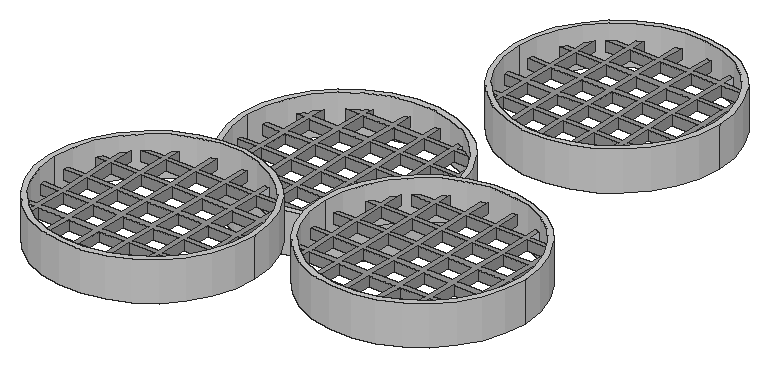
Revit family "CLD-FMD-002_BASKET_RFA", category Modelos genéricos, Revit 2022
Family settings
  Puede alojar armadura = No
  Cota de conector redondo = Diámetro de uso
  Tipo de pieza = Normal
  Se basa en plano de trabajo = No
  Siempre vertical = Sí
  Corte con vacíos al cargar = No
  Mantener orientación de anotación = No
  Compartido = No
  Punto de cálculo de habitación = No
Parameters
  Elevación por defecto = 0.00"
Reference planes (in)
  plane 1 "Centro (Frontal/Posterior)": y = 0
  plane 2: z = 0
  plane 3 "Centro (Izquierda/Derecha)": x = 0
Forms (in)
  Extrusion 1, solid, not visible
    sketch origin (0, 0, 0) x (1, 0, 0) y (0, 1, 0)
      loop
        line (0, 2.25) -> (0, 0) -> (108, 0) -> (108, 2.25) -> (0, 2.25)
    from 0 to 8
  Extrusion 2, solid, not visible
    sketch origin (0, 0, 0) x (1, 0, 0) y (0, 1, 0)
      loop
        line (0, 2.25) -> (0, 0) -> (108, 0) -> (108, 2.25) -> (0, 2.25)
    from 0 to 8
  Extrusion 3, solid, not visible
    sketch origin (0, 8, 0) x (1, 0, 0) y (0, 1, 0)
      loop
        line (0, 2.25) -> (0, 0) -> (108, 0) -> (108, 2.25) -> (0, 2.25)
    from 0 to 8
  Extrusion 4, solid, not visible
    sketch origin (0, 16, 0) x (1, 0, 0) y (0, 1, 0)
      loop
        line (0, 2.25) -> (0, 0) -> (108, 0) -> (108, 2.25) -> (0, 2.25)
    from 0 to 8
  Extrusion 5, solid, not visible
    sketch origin (0, 24, 0) x (1, 0, 0) y (0, 1, 0)
      loop
        line (0, 2.25) -> (0, 0) -> (108, 0) -> (108, 2.25) -> (0, 2.25)
    from 0 to 8
  Extrusion 6, solid, not visible
    sketch origin (0, 32, 0) x (1, 0, 0) y (0, 1, 0)
      loop
        line (0, 2.25) -> (0, 0) -> (108, 0) -> (108, 2.25) -> (0, 2.25)
    from 0 to 8
  Extrusion 7, solid, not visible
    sketch origin (0, 40, 0) x (1, 0, 0) y (0, 1, 0)
      loop
        line (0, 2.25) -> (0, 0) -> (108, 0) -> (108, 2.25) -> (0, 2.25)
    from 0 to 8
  Extrusion 8, solid, not visible
    sketch origin (0, 48, 0) x (1, 0, 0) y (0, 1, 0)
      loop
        line (0, 2.25) -> (0, 0) -> (108, 0) -> (108, 2.25) -> (0, 2.25)
    from 0 to 8
  Extrusion 9, solid, not visible
    sketch origin (0, 56, 0) x (1, 0, 0) y (0, 1, 0)
      loop
        line (0, 2.25) -> (0, 0) -> (108, 0) -> (108, 2.25) -> (0, 2.25)
    from 0 to 8
  Extrusion 10, solid, not visible
    sketch origin (0, 64, 0) x (1, 0, 0) y (0, 1, 0)
      loop
        line (0, 2.25) -> (0, 0) -> (108, 0) -> (108, 2.25) -> (0, 2.25)
    from 0 to 8
  Extrusion 11, solid, not visible
    sketch origin (0, 72, 0) x (1, 0, 0) y (0, 1, 0)
      loop
        line (0, 2.25) -> (0, 0) -> (108, 0) -> (108, 2.25) -> (0, 2.25)
    from 0 to 8
  Extrusion 12, solid, not visible
    sketch origin (0, 80, 0) x (1, 0, 0) y (0, 1, 0)
      loop
        line (0, 2.25) -> (0, 0) -> (108, 0) -> (108, 2.25) -> (0, 2.25)
    from 0 to 8
  Extrusion 13, solid, not visible
    sketch origin (0, 88, 0) x (1, 0, 0) y (0, 1, 0)
      loop
        line (0, 2.25) -> (0, 0) -> (108, 0) -> (108, 2.25) -> (0, 2.25)
    from 0 to 8
  Extrusion 14, solid, not visible
    sketch origin (0, 96, 0) x (1, 0, 0) y (0, 1, 0)
      loop
        line (0, 2.25) -> (0, 0) -> (108, 0) -> (108, 2.25) -> (0, 2.25)
    from 0 to 8
  Extrusion 15, solid, not visible
    sketch origin (0, 104, 0) x (1, 0, 0) y (0, 1, 0)
      loop
        line (0, 2.25) -> (0, 0) -> (108, 0) -> (108, 2.25) -> (0, 2.25)
    from 0 to 8
  Extrusion 16, solid, not visible
    sketch origin (0, 112, 0) x (1, 0, 0) y (0, 1, 0)
      loop
        line (0, 2.25) -> (0, 0) -> (108, 0) -> (108, 2.25) -> (0, 2.25)
    from 0 to 8
  Extrusion 17, solid, not visible
    sketch origin (0, 120, 0) x (1, 0, 0) y (0, 1, 0)
      loop
        line (0, 2.25) -> (0, 0) -> (108, 0) -> (108, 2.25) -> (0, 2.25)
    from 0 to 8
  Extrusion 18, solid, not visible
    sketch origin (0, 128, 0) x (1, 0, 0) y (0, 1, 0)
      loop
        line (0, 2.25) -> (0, 0) -> (108, 0) -> (108, 2.25) -> (0, 2.25)
    from 0 to 8
  Extrusion 19, solid, not visible
    sketch origin (0, 136, 0) x (1, 0, 0) y (0, 1, 0)
      loop
        line (0, 2.25) -> (0, 0) -> (108, 0) -> (108, 2.25) -> (0, 2.25)
    from 0 to 8
  Extrusion 20, solid, not visible
    sketch origin (0, 144, 0) x (1, 0, 0) y (0, 1, 0)
      loop
        line (0, 2.25) -> (0, 0) -> (108, 0) -> (108, 2.25) -> (0, 2.25)
    from 0 to 8
  Extrusion 21, solid, not visible
    sketch origin (0, 152, 0) x (1, 0, 0) y (0, 1, 0)
      loop
        line (0, 2.25) -> (0, 0) -> (108, 0) -> (108, 2.25) -> (0, 2.25)
    from 0 to 8
  Extrusion 22, solid, not visible
    sketch origin (109, 0, 0) x (1, 0, 0) y (0, 1, 0)
      loop
        line (0, 2.25) -> (0, 0) -> (108, 0) -> (108, 2.25) -> (0, 2.25)
    from 0 to 8
  Extrusion 23, solid, not visible
    sketch origin (109, 8, 0) x (1, 0, 0) y (0, 1, 0)
      loop
        line (0, 2.25) -> (0, 0) -> (108, 0) -> (108, 2.25) -> (0, 2.25)
    from 0 to 8
  Extrusion 24, solid, not visible
    sketch origin (109, 16, 0) x (1, 0, 0) y (0, 1, 0)
      loop
        line (0, 2.25) -> (0, 0) -> (108, 0) -> (108, 2.25) -> (0, 2.25)
    from 0 to 8
  Extrusion 25, solid, not visible
    sketch origin (109, 24, 0) x (1, 0, 0) y (0, 1, 0)
      loop
        line (0, 2.25) -> (0, 0) -> (108, 0) -> (108, 2.25) -> (0, 2.25)
    from 0 to 8
  Extrusion 26, solid, not visible
    sketch origin (109, 32, 0) x (1, 0, 0) y (0, 1, 0)
      loop
        line (0, 2.25) -> (0, 0) -> (108, 0) -> (108, 2.25) -> (0, 2.25)
    from 0 to 8
  Extrusion 27, solid, not visible
    sketch origin (109, 40, 0) x (1, 0, 0) y (0, 1, 0)
      loop
        line (0, 2.25) -> (0, 0) -> (108, 0) -> (108, 2.25) -> (0, 2.25)
    from 0 to 8
  Extrusion 28, solid, not visible
    sketch origin (109, 48, 0) x (1, 0, 0) y (0, 1, 0)
      loop
        line (0, 2.25) -> (0, 0) -> (108, 0) -> (108, 2.25) -> (0, 2.25)
    from 0 to 8
  Extrusion 29, solid, not visible
    sketch origin (109, 56, 0) x (1, 0, 0) y (0, 1, 0)
      loop
        line (0, 2.25) -> (0, 0) -> (108, 0) -> (108, 2.25) -> (0, 2.25)
    from 0 to 8
  Extrusion 30, solid, not visible
    sketch origin (109, 64, 0) x (1, 0, 0) y (0, 1, 0)
      loop
        line (0, 2.25) -> (0, 0) -> (108, 0) -> (108, 2.25) -> (0, 2.25)
    from 0 to 8
  Extrusion 31, solid, not visible
    sketch origin (109, 72, 0) x (1, 0, 0) y (0, 1, 0)
      loop
        line (0, 2.25) -> (0, 0) -> (108, 0) -> (108, 2.25) -> (0, 2.25)
    from 0 to 8
  Extrusion 32, solid, not visible
    sketch origin (109, 80, 0) x (1, 0, 0) y (0, 1, 0)
      loop
        line (0, 2.25) -> (0, 0) -> (108, 0) -> (108, 2.25) -> (0, 2.25)
    from 0 to 8
  Extrusion 33, solid, not visible
    sketch origin (109, 88, 0) x (1, 0, 0) y (0, 1, 0)
      loop
        line (0, 2.25) -> (0, 0) -> (108, 0) -> (108, 2.25) -> (0, 2.25)
    from 0 to 8
  Extrusion 34, solid, not visible
    sketch origin (109, 96, 0) x (1, 0, 0) y (0, 1, 0)
      loop
        line (0, 2.25) -> (0, 0) -> (108, 0) -> (108, 2.25) -> (0, 2.25)
    from 0 to 8
  Extrusion 35, solid, not visible
    sketch origin (109, 104, 0) x (1, 0, 0) y (0, 1, 0)
      loop
        line (0, 2.25) -> (0, 0) -> (108, 0) -> (108, 2.25) -> (0, 2.25)
    from 0 to 8
  Extrusion 36, solid, not visible
    sketch origin (109, 112, 0) x (1, 0, 0) y (0, 1, 0)
      loop
        line (0, 2.25) -> (0, 0) -> (108, 0) -> (108, 2.25) -> (0, 2.25)
    from 0 to 8
  Extrusion 37, solid, not visible
    sketch origin (109, 120, 0) x (1, 0, 0) y (0, 1, 0)
      loop
        line (0, 2.25) -> (0, 0) -> (108, 0) -> (108, 2.25) -> (0, 2.25)
    from 0 to 8
  Extrusion 38, solid, not visible
    sketch origin (109, 128, 0) x (1, 0, 0) y (0, 1, 0)
      loop
        line (0, 2.25) -> (0, 0) -> (108, 0) -> (108, 2.25) -> (0, 2.25)
    from 0 to 8
  Extrusion 39, solid, not visible
    sketch origin (109, 136, 0) x (1, 0, 0) y (0, 1, 0)
      loop
        line (0, 2.25) -> (0, 0) -> (108, 0) -> (108, 2.25) -> (0, 2.25)
    from 0 to 8
  Extrusion 40, solid, not visible
    sketch origin (109, 144, 0) x (1, 0, 0) y (0, 1, 0)
      loop
        line (0, 2.25) -> (0, 0) -> (108, 0) -> (108, 2.25) -> (0, 2.25)
    from 0 to 8
  Extrusion 41, solid, not visible
    sketch origin (109, 152, 0) x (1, 0, 0) y (0, 1, 0)
      loop
        line (0, 2.25) -> (0, 0) -> (108, 0) -> (108, 2.25) -> (0, 2.25)
    from 0 to 8
  Extrusion 42, solid, not visible
    sketch origin (-108, 0, 0) x (1, 0, 0) y (0, 1, 0)
      loop
        line (0, 2.25) -> (0, 0) -> (108, 0) -> (108, 2.25) -> (0, 2.25)
    from 0 to 8
  Extrusion 43, solid, not visible
    sketch origin (-108, 8, 0) x (1, 0, 0) y (0, 1, 0)
      loop
        line (0, 2.25) -> (0, 0) -> (108, 0) -> (108, 2.25) -> (0, 2.25)
    from 0 to 8
  Extrusion 44, solid, not visible
    sketch origin (-108, 16, 0) x (1, 0, 0) y (0, 1, 0)
      loop
        line (0, 2.25) -> (0, 0) -> (108, 0) -> (108, 2.25) -> (0, 2.25)
    from 0 to 8
  Extrusion 45, solid, not visible
    sketch origin (-108, 24, 0) x (1, 0, 0) y (0, 1, 0)
      loop
        line (0, 2.25) -> (0, 0) -> (108, 0) -> (108, 2.25) -> (0, 2.25)
    from 0 to 8
  Extrusion 46, solid, not visible
    sketch origin (-108, 32, 0) x (1, 0, 0) y (0, 1, 0)
      loop
        line (0, 2.25) -> (0, 0) -> (108, 0) -> (108, 2.25) -> (0, 2.25)
    from 0 to 8
  Extrusion 47, solid, not visible
    sketch origin (-108, 40, 0) x (1, 0, 0) y (0, 1, 0)
      loop
        line (0, 2.25) -> (0, 0) -> (108, 0) -> (108, 2.25) -> (0, 2.25)
    from 0 to 8
  Extrusion 48, solid, not visible
    sketch origin (1, 0, 0) x (1, 0, 0) y (0, 1, 0)
      loop
        line (0, 2.25) -> (0, 0) -> (108, 0) -> (108, 2.25) -> (0, 2.25)
    from 0 to 8
  Extrusion 49, solid, not visible
    sketch origin (1, 8, 0) x (1, 0, 0) y (0, 1, 0)
      loop
        line (0, 2.25) -> (0, 0) -> (108, 0) -> (108, 2.25) -> (0, 2.25)
    from 0 to 8
  Extrusion 50, solid, not visible
    sketch origin (1, 16, 0) x (1, 0, 0) y (0, 1, 0)
      loop
        line (0, 2.25) -> (0, 0) -> (108, 0) -> (108, 2.25) -> (0, 2.25)
    from 0 to 8
  Extrusion 51, solid, not visible
    sketch origin (1, 24, 0) x (1, 0, 0) y (0, 1, 0)
      loop
        line (0, 2.25) -> (0, 0) -> (108, 0) -> (108, 2.25) -> (0, 2.25)
    from 0 to 8
  Extrusion 52, solid, not visible
    sketch origin (1, 32, 0) x (1, 0, 0) y (0, 1, 0)
      loop
        line (0, 2.25) -> (0, 0) -> (108, 0) -> (108, 2.25) -> (0, 2.25)
    from 0 to 8
  Extrusion 53, solid, not visible
    sketch origin (1, 40, 0) x (1, 0, 0) y (0, 1, 0)
      loop
        line (0, 2.25) -> (0, 0) -> (108, 0) -> (108, 2.25) -> (0, 2.25)
    from 0 to 8
  Extrusion 54, solid, not visible
    sketch origin (-108, 48, 0) x (1, 0, 0) y (0, 1, 0)
      loop
        line (0, 2.25) -> (0, 0) -> (108, 0) -> (108, 2.25) -> (0, 2.25)
    from 0 to 8
  Extrusion 55, solid, not visible
    sketch origin (-108, 56, 0) x (1, 0, 0) y (0, 1, 0)
      loop
        line (0, 2.25) -> (0, 0) -> (108, 0) -> (108, 2.25) -> (0, 2.25)
    from 0 to 8
  Extrusion 56, solid, not visible
    sketch origin (-108, 64, 0) x (1, 0, 0) y (0, 1, 0)
      loop
        line (0, 2.25) -> (0, 0) -> (108, 0) -> (108, 2.25) -> (0, 2.25)
    from 0 to 8
  Extrusion 57, solid, not visible
    sketch origin (-108, 72, 0) x (1, 0, 0) y (0, 1, 0)
      loop
        line (0, 2.25) -> (0, 0) -> (108, 0) -> (108, 2.25) -> (0, 2.25)
    from 0 to 8
  Extrusion 58, solid, not visible
    sketch origin (-108, 80, 0) x (1, 0, 0) y (0, 1, 0)
      loop
        line (0, 2.25) -> (0, 0) -> (108, 0) -> (108, 2.25) -> (0, 2.25)
    from 0 to 8
  Extrusion 59, solid, not visible
    sketch origin (1, 48, 0) x (1, 0, 0) y (0, 1, 0)
      loop
        line (0, 2.25) -> (0, 0) -> (108, 0) -> (108, 2.25) -> (0, 2.25)
    from 0 to 8
  Extrusion 60, solid, not visible
    sketch origin (1, 56, 0) x (1, 0, 0) y (0, 1, 0)
      loop
        line (0, 2.25) -> (0, 0) -> (108, 0) -> (108, 2.25) -> (0, 2.25)
    from 0 to 8
  Extrusion 61, solid, not visible
    sketch origin (1, 64, 0) x (1, 0, 0) y (0, 1, 0)
      loop
        line (0, 2.25) -> (0, 0) -> (108, 0) -> (108, 2.25) -> (0, 2.25)
    from 0 to 8
  Extrusion 62, solid, not visible
    sketch origin (1, 72, 0) x (1, 0, 0) y (0, 1, 0)
      loop
        line (0, 2.25) -> (0, 0) -> (108, 0) -> (108, 2.25) -> (0, 2.25)
    from 0 to 8
  Extrusion 63, solid, not visible
    sketch origin (1, 80, 0) x (1, 0, 0) y (0, 1, 0)
      loop
        line (0, 2.25) -> (0, 0) -> (108, 0) -> (108, 2.25) -> (0, 2.25)
    from 0 to 8
  Extrusion 64, solid, not visible
    sketch origin (-108, 88, 0) x (1, 0, 0) y (0, 1, 0)
      loop
        line (0, 2.25) -> (0, 0) -> (108, 0) -> (108, 2.25) -> (0, 2.25)
    from 0 to 8
  Extrusion 65, solid, not visible
    sketch origin (-108, 96, 0) x (1, 0, 0) y (0, 1, 0)
      loop
        line (0, 2.25) -> (0, 0) -> (108, 0) -> (108, 2.25) -> (0, 2.25)
    from 0 to 8
  Extrusion 66, solid, not visible
    sketch origin (-108, 104, 0) x (1, 0, 0) y (0, 1, 0)
      loop
        line (0, 2.25) -> (0, 0) -> (108, 0) -> (108, 2.25) -> (0, 2.25)
    from 0 to 8
  Extrusion 67, solid, not visible
    sketch origin (-108, 112, 0) x (1, 0, 0) y (0, 1, 0)
      loop
        line (0, 2.25) -> (0, 0) -> (108, 0) -> (108, 2.25) -> (0, 2.25)
    from 0 to 8
  Extrusion 68, solid, not visible
    sketch origin (-108, 120, 0) x (1, 0, 0) y (0, 1, 0)
      loop
        line (0, 2.25) -> (0, 0) -> (108, 0) -> (108, 2.25) -> (0, 2.25)
    from 0 to 8
  Extrusion 69, solid, not visible
    sketch origin (1, 88, 0) x (1, 0, 0) y (0, 1, 0)
      loop
        line (0, 2.25) -> (0, 0) -> (108, 0) -> (108, 2.25) -> (0, 2.25)
    from 0 to 8
  Extrusion 70, solid, not visible
    sketch origin (1, 96, 0) x (1, 0, 0) y (0, 1, 0)
      loop
        line (0, 2.25) -> (0, 0) -> (108, 0) -> (108, 2.25) -> (0, 2.25)
    from 0 to 8
  Extrusion 71, solid, not visible
    sketch origin (1, 104, 0) x (1, 0, 0) y (0, 1, 0)
      loop
        line (0, 2.25) -> (0, 0) -> (108, 0) -> (108, 2.25) -> (0, 2.25)
    from 0 to 8
  Extrusion 72, solid, not visible
    sketch origin (1, 112, 0) x (1, 0, 0) y (0, 1, 0)
      loop
        line (0, 2.25) -> (0, 0) -> (108, 0) -> (108, 2.25) -> (0, 2.25)
    from 0 to 8
  Extrusion 73, solid, not visible
    sketch origin (1, 120, 0) x (1, 0, 0) y (0, 1, 0)
      loop
        line (0, 2.25) -> (0, 0) -> (108, 0) -> (108, 2.25) -> (0, 2.25)
    from 0 to 8
  Extrusion 74, solid, not visible
    sketch origin (-108, 128, 0) x (1, 0, 0) y (0, 1, 0)
      loop
        line (0, 2.25) -> (0, 0) -> (108, 0) -> (108, 2.25) -> (0, 2.25)
    from 0 to 8
  Extrusion 75, solid, not visible
    sketch origin (-108, 136, 0) x (1, 0, 0) y (0, 1, 0)
      loop
        line (0, 2.25) -> (0, 0) -> (108, 0) -> (108, 2.25) -> (0, 2.25)
    from 0 to 8
  Extrusion 76, solid, not visible
    sketch origin (-108, 144, 0) x (1, 0, 0) y (0, 1, 0)
      loop
        line (0, 2.25) -> (0, 0) -> (108, 0) -> (108, 2.25) -> (0, 2.25)
    from 0 to 8
  Extrusion 77, solid, not visible
    sketch origin (-108, 152, 0) x (1, 0, 0) y (0, 1, 0)
      loop
        line (0, 2.25) -> (0, 0) -> (108, 0) -> (108, 2.25) -> (0, 2.25)
    from 0 to 8
  Extrusion 78, solid, not visible
    sketch origin (-108, 160, 0) x (1, 0, 0) y (0, 1, 0)
      loop
        line (0, 2.25) -> (0, 0) -> (108, 0) -> (108, 2.25) -> (0, 2.25)
    from 0 to 8
  Extrusion 79, solid, not visible
    sketch origin (1, 128, 0) x (1, 0, 0) y (0, 1, 0)
      loop
        line (0, 2.25) -> (0, 0) -> (108, 0) -> (108, 2.25) -> (0, 2.25)
    from 0 to 8
  Extrusion 80, solid, not visible
    sketch origin (1, 136, 0) x (1, 0, 0) y (0, 1, 0)
      loop
        line (0, 2.25) -> (0, 0) -> (108, 0) -> (108, 2.25) -> (0, 2.25)
    from 0 to 8
  Extrusion 81, solid, not visible
    sketch origin (1, 144, 0) x (1, 0, 0) y (0, 1, 0)
      loop
        line (0, 2.25) -> (0, 0) -> (108, 0) -> (108, 2.25) -> (0, 2.25)
    from 0 to 8
  Extrusion 82, solid, not visible
    sketch origin (1, 152, 0) x (1, 0, 0) y (0, 1, 0)
      loop
        line (0, 2.25) -> (0, 0) -> (108, 0) -> (108, 2.25) -> (0, 2.25)
    from 0 to 8
  Extrusion 83, solid, not visible
    sketch origin (1, 160, 0) x (1, 0, 0) y (0, 1, 0)
      loop
        line (0, 2.25) -> (0, 0) -> (108, 0) -> (108, 2.25) -> (0, 2.25)
    from 0 to 8
  Extrusion 84, solid, not visible
    sketch origin (0, 0, 0) x (1, 0, 0) y (0, 1, 0)
      loop
        line (0, 3) -> (0, 0) -> (108, 0) -> (108, 3) -> (0, 3)
    from 0 to 8
  Extrusion 85, void, not visible
    sketch origin (0, 0, 0) x (1, 0, 0) y (0, 1, 0)
      loop
        line (6, 2) -> (6, 1) -> (66, 1) -> (66, 2) -> (6, 2)
    from 0 to 1.03
  Extrusion 86, solid, not visible
    sketch origin (0, 0, 0) x (1, 0, 0) y (0, 1, 0)
      loop
        line (0, 3) -> (0, 0) -> (108, 0) -> (108, 3) -> (0, 3)
    from 0 to 8
  Extrusion 87, void, not visible
    sketch origin (0, 0, 0) x (1, 0, 0) y (0, 1, 0)
      loop
        line (6, 2) -> (6, 1) -> (66, 1) -> (66, 2) -> (6, 2)
    from 0 to 1.03
  Extrusion 88, solid, not visible
    sketch origin (0, 0, 0) x (1, 0, 0) y (0, 1, 0)
      loop
        line (6, 2) -> (6, 1) -> (66, 1) -> (66, 2) -> (6, 2)
    from 0 to 1.03
  Extrusion 89, solid, not visible
    sketch origin (0, 32, 0) x (1, 0, 0) y (0, 1, 0)
      loop
        line (0, 3) -> (0, 0) -> (108, 0) -> (108, 3) -> (0, 3)
    from 0 to 8
  Extrusion 90, void, not visible
    sketch origin (0, 32, 0) x (1, 0, 0) y (0, 1, 0)
      loop
        line (6, 2) -> (6, 1) -> (102, 1) -> (102, 2) -> (6, 2)
    from 0 to 1.03
  Extrusion 91, solid, not visible
    sketch origin (8.95842, -18.67436, 0) x (1, 0, 0) y (0, 1, 0)
      loop
        line (-8.48642, 97.64679) -> (-8.48642, 97.17436) -> (98.56914, 97.17436) -> (98.56914, 97.64679) -> (-8.48642, 97.64679)
    from 0.59055 to 8
  Extrusion 92, solid, not visible
    sketch origin (8.95842, -16.6468, 0) x (1, 0, 0) y (0, 1, 0)
      loop
        line (-8.48642, 97.64679) -> (-8.48642, 97.17436) -> (98.56914, 97.17436) -> (98.56914, 97.64679) -> (-8.48642, 97.64679)
    from 0.59055 to 8
  Extrusion 93, solid, not visible
    sketch origin (60.46912, 110.28574, 0) x (1, 0, 0) y (0, 1, 0)
      loop
        line (45.03088, -29.28574) -> (-57.96911, -29.28574) -> (-57.96911, -31.78574) -> (45.03088, -31.78574) -> (45.03088, -29.28574)
      loop
        line (23.78088, -31.03574) -> (41.78088, -31.03574) -> (41.78088, -30.03574) -> (23.78088, -30.03574) -> (23.78088, -31.03574)
      loop
        line (-54.71912, -31.03574) -> (-36.71912, -31.03574) -> (-36.71912, -30.03574) -> (-54.71912, -30.03574) -> (-54.71912, -31.03574)
    from 0 to 0.59055
  Extrusion 94, solid, not visible
    sketch origin (108, 51.5, 0) x (0, 1, 0) y (-1, 0, 0)
      loop
        line (27.75, 102.25) -> (27.75, 84.25) -> (28.75, 84.25) -> (28.75, 102.25) -> (27.75, 102.25)
    from 0 to 1
  Extrusion 95, solid, not visible
    sketch origin (186.5, 51.5, 0) x (0, 1, 0) y (-1, 0, 0)
      loop
        line (27.75, 102.25) -> (27.75, 84.25) -> (28.75, 84.25) -> (28.75, 102.25) -> (27.75, 102.25)
    from 0 to 1
  Extrusion 96, solid, not visible
    sketch origin (8.95842, -44.42438, 0) x (1, 0, 0) y (0, 1, 0)
      loop
        line (-8.48642, 97.64679) -> (-8.48642, 97.17436) -> (98.56914, 97.17436) -> (98.56914, 97.64679) -> (-8.48642, 97.64679)
    from 0.59055 to 8
  Extrusion 97, solid, not visible
    sketch origin (8.95842, -42.39682, 0) x (1, 0, 0) y (0, 1, 0)
      loop
        line (-8.48642, 97.64679) -> (-8.48642, 97.17436) -> (98.56914, 97.17436) -> (98.56914, 97.64679) -> (-8.48642, 97.64679)
    from 0.59055 to 8
  Extrusion 98, solid, not visible
    sketch origin (60.46912, 84.53571, 0) x (1, 0, 0) y (0, 1, 0)
      loop
        line (45.03088, -29.28574) -> (-57.96911, -29.28574) -> (-57.96911, -31.78574) -> (45.03088, -31.78574) -> (45.03088, -29.28574)
      loop
        line (-28.96912, -31.03574) -> (-10.96912, -31.03574) -> (-10.96912, -30.03574) -> (-28.96912, -30.03574) -> (-28.96912, -31.03574)
      loop
        line (-3.21912, -31.03571) -> (14.78088, -31.03571) -> (14.78088, -30.03571) -> (-3.21912, -30.03571) -> (-3.21912, -31.03571)
    from 0 to 0.59055
  Extrusion 99, solid, not visible
    sketch origin (133.74998, 25.74998, 0) x (0, 1, 0) y (-1, 0, 0)
      loop
        line (27.75, 102.25) -> (27.75, 84.25) -> (28.75, 84.25) -> (28.75, 102.25) -> (27.75, 102.25)
    from 0 to 1
  Extrusion 100, solid, not visible
    sketch origin (159.49998, 25.74998, 0) x (0, 1, 0) y (-1, 0, 0)
      loop
        line (27.75, 102.25) -> (27.75, 84.25) -> (28.75, 84.25) -> (28.75, 102.25) -> (27.75, 102.25)
    from 0 to 1
  Extrusion 101, solid, not visible
    sketch origin (8.95842, -70.17436, 0) x (1, 0, 0) y (0, 1, 0)
      loop
        line (-8.48642, 97.64679) -> (-8.48642, 97.17436) -> (98.56914, 97.17436) -> (98.56914, 97.64679) -> (-8.48642, 97.64679)
    from 0.59055 to 8
  Extrusion 102, solid, not visible
    sketch origin (8.95842, -68.1468, 0) x (1, 0, 0) y (0, 1, 0)
      loop
        line (-8.48642, 97.64679) -> (-8.48642, 97.17436) -> (98.56914, 97.17436) -> (98.56914, 97.64679) -> (-8.48642, 97.64679)
    from 0.59055 to 8
  Extrusion 103, solid, not visible
    sketch origin (60.46912, 58.78574, 0) x (1, 0, 0) y (0, 1, 0)
      loop
        line (45.03088, -29.28574) -> (-57.96911, -29.28574) -> (-57.96911, -31.78574) -> (45.03088, -31.78574) -> (45.03088, -29.28574)
      loop
        line (23.78088, -31.03574) -> (41.78088, -31.03574) -> (41.78088, -30.03574) -> (23.78088, -30.03574) -> (23.78088, -31.03574)
      loop
        line (-54.71912, -31.03574) -> (-36.71912, -31.03574) -> (-36.71912, -30.03574) -> (-54.71912, -30.03574) -> (-54.71912, -31.03574)
    from 0 to 0.59055
  Extrusion 104, solid, not visible
    sketch origin (108, 0, 0) x (0, 1, 0) y (-1, 0, 0)
      loop
        line (27.75, 102.25) -> (27.75, 84.25) -> (28.75, 84.25) -> (28.75, 102.25) -> (27.75, 102.25)
    from 0 to 1
  Extrusion 105, solid, not visible
    sketch origin (186.5, 0, 0) x (0, 1, 0) y (-1, 0, 0)
      loop
        line (27.75, 102.25) -> (27.75, 84.25) -> (28.75, 84.25) -> (28.75, 102.25) -> (27.75, 102.25)
    from 0 to 1
  Extrusion 106, solid, not visible
    sketch origin (-70.17436, 99.04114, 0) x (0, -1, 0) y (1, 0, 0)
      loop
        line (-8.48642, 97.64679) -> (-8.48642, 97.17436) -> (98.56914, 97.17436) -> (98.56914, 97.64679) -> (-8.48642, 97.64679)
    from 0.59055 to 8
  Extrusion 107, solid, not visible
    sketch origin (-68.1468, 99.04114, 0) x (0, -1, 0) y (1, 0, 0)
      loop
        line (-8.48642, 97.64679) -> (-8.48642, 97.17436) -> (98.56914, 97.17436) -> (98.56914, 97.64679) -> (-8.48642, 97.64679)
    from 0.59055 to 8
  Extrusion 108, solid, not visible
    sketch origin (-2.28571, 86.21912, 0) x (0, 1, 0) y (-1, 0, 0)
      loop
        line (19.28088, -29.28574) -> (-83.71912, -29.28574) -> (-83.71912, -31.78574) -> (19.28088, -31.78574) -> (19.28088, -29.28574)
      loop
        line (16.03088, -31.03571) -> (16.03088, -30.03571) -> (-1.96912, -30.03571) -> (-1.96912, -31.03571) -> (16.03088, -31.03571)
      loop
        line (-62.46912, -31.03571) -> (-62.46912, -30.03571) -> (-80.46912, -30.03571) -> (-80.46912, -31.03571) -> (-62.46912, -31.03571)
    from 0 to 0.59055
  Extrusion 109, solid, not visible
    sketch origin (0, 0, 0) x (1, 0, 0) y (0, 1, 0)
      loop
        line (27.75, 102.25) -> (27.75, 84.25) -> (28.75, 84.25) -> (28.75, 102.25) -> (27.75, 102.25)
    from 0 to 1
  Extrusion 110, solid, not visible
    sketch origin (0, -78.5, 0) x (1, 0, 0) y (0, 1, 0)
      loop
        line (27.75, 102.25) -> (27.75, 84.25) -> (28.75, 84.25) -> (28.75, 102.25) -> (27.75, 102.25)
    from 0 to 1
  Extrusion 111, solid, not visible
    sketch origin (-44.89438, 99.04114, 0) x (0, -1, 0) y (1, 0, 0)
      loop
        line (-8.48642, 97.64679) -> (-8.48642, 97.17436) -> (98.56914, 97.17436) -> (98.56914, 97.64679) -> (-8.48642, 97.64679)
    from 0.59055 to 8
  Extrusion 112, solid, not visible
    sketch origin (-42.39682, 99.04114, 0) x (0, -1, 0) y (1, 0, 0)
      loop
        line (-8.48642, 97.64679) -> (-8.48642, 97.17436) -> (98.56914, 97.17436) -> (98.56914, 97.64679) -> (-8.48642, 97.64679)
    from 0.59055 to 8
  Extrusion 113, solid, not visible
    sketch origin (23.46427, 86.21912, 0) x (0, 1, 0) y (-1, 0, 0)
      loop
        line (19.28088, -28.81571) -> (-83.71912, -28.81571) -> (-83.71912, -31.78574) -> (19.28088, -31.78574) -> (19.28088, -28.81571)
      loop
        line (-28.96912, -29.78573) -> (-28.96912, -30.78571) -> (-10.96912, -30.78571) -> (-10.96912, -29.78573) -> (-28.96912, -29.78573)
      loop
        line (-54.71914, -29.78573) -> (-54.71914, -30.78573) -> (-36.71914, -30.78573) -> (-36.71914, -29.78573) -> (-54.71914, -29.78573)
    from 0 to 0.59055
  Extrusion 114, solid, not visible
    sketch origin (25.74998, -27, 0) x (1, 0, 0) y (0, 1, 0)
      loop
        line (27.50002, 102.25) -> (27.50002, 84.25) -> (28.5, 84.25) -> (28.5, 102.25) -> (27.50002, 102.25)
    from 0 to 1
  Extrusion 115, solid, not visible
    sketch origin (25.74998, -52.75002, 0) x (1, 0, 0) y (0, 1, 0)
      loop
        line (27.50002, 102.25) -> (27.50002, 84.25) -> (28.50002, 84.25) -> (28.50002, 102.25) -> (27.50002, 102.25)
    from 0 to 1
  Extrusion 116, solid, not visible
    sketch origin (-18.67436, 99.04114, 0) x (0, -1, 0) y (1, 0, 0)
      loop
        line (-8.48642, 97.64679) -> (-8.48642, 97.17436) -> (98.56914, 97.17436) -> (98.56914, 97.64679) -> (-8.48642, 97.64679)
    from 0.59055 to 8
  Extrusion 117, solid, not visible
    sketch origin (-16.6468, 99.04114, 0) x (0, -1, 0) y (1, 0, 0)
      loop
        line (-8.48642, 97.64679) -> (-8.48642, 97.17436) -> (98.56914, 97.17436) -> (98.56914, 97.64679) -> (-8.48642, 97.64679)
    from 0.59055 to 8
  Extrusion 118, solid, not visible
    sketch origin (49.21426, 86.21912, 0) x (0, 1, 0) y (-1, 0, 0)
      loop
        line (19.28088, -29.28574) -> (-83.71912, -29.28574) -> (-83.71912, -31.78574) -> (19.28088, -31.78574) -> (19.28088, -29.28574)
      loop
        line (16.03088, -31.03571) -> (16.03088, -30.03571) -> (-1.96912, -30.03571) -> (-1.96912, -31.03571) -> (16.03088, -31.03571)
      loop
        line (-62.46912, -31.03571) -> (-62.46912, -30.03571) -> (-80.46912, -30.03571) -> (-80.46912, -31.03571) -> (-62.46912, -31.03571)
    from 0 to 0.59055
  Extrusion 119, solid, not visible
    sketch origin (51.49997, 0, 0) x (1, 0, 0) y (0, 1, 0)
      loop
        line (27.75, 102.25) -> (27.75, 84.25) -> (28.75, 84.25) -> (28.75, 102.25) -> (27.75, 102.25)
    from 0 to 1
  Extrusion 120, solid, not visible
    sketch origin (51.49997, -78.5, 0) x (1, 0, 0) y (0, 1, 0)
      loop
        line (27.75, 102.25) -> (27.75, 84.25) -> (28.75, 84.25) -> (28.75, 102.25) -> (27.75, 102.25)
    from 0 to 1
  Extrusion 121, solid, not visible
    sketch origin (10.23509, 91.82771, 0) x (0, -1, 0) y (1, 0, 0)
      loop
        line (-16.17229, 97.76491) -> (-15.69986, 97.29248) -> (91.35527, 97.29248) -> (91.82771, 97.76491) -> (-16.17229, 97.76491)
    from 0.59055 to 8
  Extrusion 122, solid, not visible
    sketch origin (137.28574, 61.88413, 0) x (0, 1, 0) y (-1, 0, 0)
      loop
        line (46.11587, 29.28574) -> (43.61587, 31.78574) -> (-59.38412, 31.78574) -> (-61.88412, 29.28574) -> (46.11587, 29.28574)
    from 0 to 0.59055
  Extrusion 123, solid, not visible
    sketch origin (8.20754, 91.82771, 0) x (0, -1, 0) y (1, 0, 0)
      loop
        line (-14.14474, 97.76491) -> (-13.67231, 97.29248) -> (89.32772, 97.29248) -> (89.80016, 97.76491) -> (-14.14474, 97.76491)
    from 0.59055 to 8.22418
  Extrusion 124, solid, not visible
    sketch origin (18.95842, 10.23509, 0) x (1, 0, 0) y (0, 1, 0)
      loop
        line (-18.95842, 97.76491) -> (-18.48598, 97.29247) -> (88.56914, 97.29247) -> (89.04158, 97.76491) -> (-18.95842, 97.76491)
    from 0.59055 to 8
  Extrusion 125, solid, not visible
    sketch origin (61.88413, 137.28574, 0) x (1, 0, 0) y (0, 1, 0)
      loop
        line (46.11587, -29.28574) -> (-61.88412, -29.28574) -> (-59.38412, -31.78574) -> (43.61587, -31.78574) -> (46.11587, -29.28574)
    from 0 to 0.59055
  Extrusion 126, solid, not visible
    sketch origin (18.95842, 8.20753, 0) x (1, 0, 0) y (0, 1, 0)
      loop
        line (-16.93086, 97.76491) -> (-16.45842, 97.29247) -> (86.54158, 97.29247) -> (87.01402, 97.76491) -> (-16.93086, 97.76491)
    from 0.59055 to 8
  Extrusion 127, solid, not visible
    sketch origin (-101.24865, 87.31603, 0) x (0, -1, 0) y (1, 0, 0)
      loop
        line (-20.21152, 101.72109) -> (-20.68397, 101.24865) -> (87.31604, 101.24865) -> (86.84359, 101.72109) -> (-20.21152, 101.72109)
    from 0.47244 to 8
  Extrusion 128, solid, not visible
    sketch origin (-29.28573, 61.88413, 0) x (0, 1, 0) y (-1, 0, 0)
      loop
        line (46.11587, -29.28574) -> (-61.88412, -29.28574) -> (-59.38412, -31.78574) -> (43.61587, -31.78574) -> (46.11587, -29.28574)
    from 0 to 0.59055
  Extrusion 129, solid, not visible
    sketch origin (-99.22109, 87.31603, 0) x (0, -1, 0) y (1, 0, 0)
      loop
        line (-18.18396, 101.72109) -> (-18.65641, 101.24865) -> (85.28848, 101.24865) -> (84.81603, 101.72109) -> (-18.18396, 101.72109)
    from 0.47244 to 8
  Extrusion 130, solid, not visible
    sketch origin (61.88413, -29.28574, 0) x (1, 0, 0) y (0, 1, 0)
      loop
        line (46.11587, 29.28574) -> (43.61587, 31.78574) -> (-59.38412, 31.78574) -> (-61.88412, 29.28574) -> (46.11587, 29.28574)
    from 0 to 0.47244
  Extrusion 131, solid, not visible
    sketch origin (8.95842, -97.17435, 0) x (1, 0, 0) y (0, 1, 0)
      loop
        line (-8.48598, 97.64679) -> (-8.95842, 97.17436) -> (99.04157, 97.17436) -> (98.56914, 97.64679) -> (-8.48598, 97.64679)
    from 0.59055 to 8
  Extrusion 132, solid, not visible
    sketch origin (8.95842, -95.14679, 0) x (1, 0, 0) y (0, 1, 0)
      loop
        line (-6.45842, 97.64679) -> (-6.93085, 97.17436) -> (97.01401, 97.17436) -> (96.54158, 97.64679) -> (-6.45842, 97.64679)
    from 0.59055 to 8
  Extrusion 133, solid, not visible
    sketch origin (61.88413, -29.28574, 0) x (1, 0, 0) y (0, 1, 0)
      loop
        line (46.11587, 29.28574) -> (43.61587, 31.78574) -> (-59.38412, 31.78574) -> (-61.88412, 29.28574) -> (46.11587, 29.28574)
    from 0 to 0.47244
  Extrusion 134, solid, not visible
    sketch origin (18.95842, 10.23509, 0) x (1, 0, 0) y (0, 1, 0)
      loop
        line (-18.95842, 97.76491) -> (-18.48598, 97.29247) -> (88.56914, 97.29247) -> (89.04158, 97.76491) -> (-18.95842, 97.76491)
    from 0.59055 to 8
  Extrusion 135, solid, not visible
    sketch origin (8.95842, -97.17435, 0) x (1, 0, 0) y (0, 1, 0)
      loop
        line (-8.48598, 97.64679) -> (-8.95842, 97.17436) -> (99.04157, 97.17436) -> (98.56914, 97.64679) -> (-8.48598, 97.64679)
    from 0.59055 to 8
  Extrusion 136, solid, not visible
    sketch origin (10.23509, 91.82771, 0) x (0, -1, 0) y (1, 0, 0)
      loop
        line (-16.17229, 97.76491) -> (-15.69986, 97.29248) -> (91.35527, 97.29248) -> (91.82771, 97.76491) -> (-16.17229, 97.76491)
    from 0.59055 to 8
  Extrusion 137, solid, not visible
    sketch origin (-101.24865, 87.31603, 0) x (0, -1, 0) y (1, 0, 0)
      loop
        line (-20.21152, 101.72109) -> (-20.68397, 101.24865) -> (87.31604, 101.24865) -> (86.84359, 101.72109) -> (-20.21152, 101.72109)
    from 0.47244 to 8
  Extrusion 138, solid, not visible
    sketch origin (61.88413, 137.28574, 0) x (1, 0, 0) y (0, 1, 0)
      loop
        line (46.11587, -29.28574) -> (-61.88412, -29.28574) -> (-59.38412, -31.78574) -> (43.61587, -31.78574) -> (46.11587, -29.28574)
    from 0 to 0.59055
  Extrusion 139, solid, not visible
    sketch origin (-29.28573, 61.88413, 0) x (0, 1, 0) y (-1, 0, 0)
      loop
        line (46.11587, -29.28574) -> (-61.88412, -29.28574) -> (-59.38412, -31.78574) -> (43.61587, -31.78574) -> (46.11587, -29.28574)
    from 0 to 0.59055
  Extrusion 140, solid, not visible
    sketch origin (137.28574, 61.88413, 0) x (0, 1, 0) y (-1, 0, 0)
      loop
        line (46.11587, 29.28574) -> (43.61587, 31.78574) -> (-59.38412, 31.78574) -> (-61.88412, 29.28574) -> (46.11587, 29.28574)
    from 0 to 0.59055
  Extrusion 141, solid, not visible
    sketch origin (8.95842, -95.14679, 0) x (1, 0, 0) y (0, 1, 0)
      loop
        line (-6.45842, 97.64679) -> (-6.93085, 97.17436) -> (97.01401, 97.17436) -> (96.54158, 97.64679) -> (-6.45842, 97.64679)
    from 0.59055 to 8
  Extrusion 142, solid, not visible
    sketch origin (-99.22109, 87.31603, 0) x (0, -1, 0) y (1, 0, 0)
      loop
        line (-18.18396, 101.72109) -> (-18.65641, 101.24865) -> (85.28848, 101.24865) -> (84.81603, 101.72109) -> (-18.18396, 101.72109)
    from 0.47244 to 8
  Extrusion 143, solid, not visible
    sketch origin (18.95842, 8.20753, 0) x (1, 0, 0) y (0, 1, 0)
      loop
        line (-16.93086, 97.76491) -> (-16.45842, 97.29247) -> (86.54158, 97.29247) -> (87.01402, 97.76491) -> (-16.93086, 97.76491)
    from 0.59055 to 8
  Extrusion 144, solid, not visible
    sketch origin (8.20754, 91.82771, 0) x (0, -1, 0) y (1, 0, 0)
      loop
        line (-14.14474, 97.76491) -> (-13.67231, 97.29248) -> (89.32772, 97.29248) -> (89.80016, 97.76491) -> (-14.14474, 97.76491)
    from 0.59055 to 8.22418
  Extrusion 145, solid, not visible
    sketch origin (8.95842, -70.17436, 0) x (1, 0, 0) y (0, 1, 0)
      loop
        line (-8.48642, 97.64679) -> (-8.48642, 97.17436) -> (98.56914, 97.17436) -> (98.56914, 97.64679) -> (-8.48642, 97.64679)
    from 0.59055 to 8
  Extrusion 146, solid, not visible
    sketch origin (8.95842, -68.1468, 0) x (1, 0, 0) y (0, 1, 0)
      loop
        line (-8.48642, 97.64679) -> (-8.48642, 97.17436) -> (98.56914, 97.17436) -> (98.56914, 97.64679) -> (-8.48642, 97.64679)
    from 0.59055 to 8
  Extrusion 147, solid, not visible
    sketch origin (8.95842, -44.42438, 0) x (1, 0, 0) y (0, 1, 0)
      loop
        line (-8.48642, 97.64679) -> (-8.48642, 97.17436) -> (98.56914, 97.17436) -> (98.56914, 97.64679) -> (-8.48642, 97.64679)
    from 0.59055 to 8
  Extrusion 148, solid, not visible
    sketch origin (8.95842, -42.39682, 0) x (1, 0, 0) y (0, 1, 0)
      loop
        line (-8.48642, 97.64679) -> (-8.48642, 97.17436) -> (98.56914, 97.17436) -> (98.56914, 97.64679) -> (-8.48642, 97.64679)
    from 0.59055 to 8
  Extrusion 149, solid, not visible
    sketch origin (8.95842, -18.67436, 0) x (1, 0, 0) y (0, 1, 0)
      loop
        line (-8.48642, 97.64679) -> (-8.48642, 97.17436) -> (98.56914, 97.17436) -> (98.56914, 97.64679) -> (-8.48642, 97.64679)
    from 0.59055 to 8
  Extrusion 150, solid, not visible
    sketch origin (8.95842, -16.6468, 0) x (1, 0, 0) y (0, 1, 0)
      loop
        line (-8.48642, 97.64679) -> (-8.48642, 97.17436) -> (98.56914, 97.17436) -> (98.56914, 97.64679) -> (-8.48642, 97.64679)
    from 0.59055 to 8
  Extrusion 151, solid, not visible
    sketch origin (-70.17436, 99.04114, 0) x (0, -1, 0) y (1, 0, 0)
      loop
        line (-8.48642, 97.64679) -> (-8.48642, 97.17436) -> (98.56914, 97.17436) -> (98.56914, 97.64679) -> (-8.48642, 97.64679)
    from 0.59055 to 8
  Extrusion 152, solid, not visible
    sketch origin (-68.1468, 99.04114, 0) x (0, -1, 0) y (1, 0, 0)
      loop
        line (-8.48642, 97.64679) -> (-8.48642, 97.17436) -> (98.56914, 97.17436) -> (98.56914, 97.64679) -> (-8.48642, 97.64679)
    from 0.59055 to 8
  Extrusion 153, solid, not visible
    sketch origin (-44.89438, 99.04114, 0) x (0, -1, 0) y (1, 0, 0)
      loop
        line (-8.48642, 97.64679) -> (-8.48642, 97.17436) -> (98.56914, 97.17436) -> (98.56914, 97.64679) -> (-8.48642, 97.64679)
    from 0.59055 to 8
  Extrusion 154, solid, not visible
    sketch origin (-42.39682, 99.04114, 0) x (0, -1, 0) y (1, 0, 0)
      loop
        line (-8.48642, 97.64679) -> (-8.48642, 97.17436) -> (98.56914, 97.17436) -> (98.56914, 97.64679) -> (-8.48642, 97.64679)
    from 0.59055 to 8
  Extrusion 155, solid, not visible
    sketch origin (-18.67436, 99.04114, 0) x (0, -1, 0) y (1, 0, 0)
      loop
        line (-8.48642, 97.64679) -> (-8.48642, 97.17436) -> (98.56914, 97.17436) -> (98.56914, 97.64679) -> (-8.48642, 97.64679)
    from 0.59055 to 8
  Extrusion 156, solid, not visible
    sketch origin (-16.6468, 99.04114, 0) x (0, -1, 0) y (1, 0, 0)
      loop
        line (-8.48642, 97.64679) -> (-8.48642, 97.17436) -> (98.56914, 97.17436) -> (98.56914, 97.64679) -> (-8.48642, 97.64679)
    from 0.59055 to 8
  Extrusion 157, solid, not visible
    sketch origin (60.46912, 110.28574, 0) x (1, 0, 0) y (0, 1, 0)
      loop
        line (45.03088, -29.28574) -> (-57.96911, -29.28574) -> (-57.96911, -31.78574) -> (45.03088, -31.78574) -> (45.03088, -29.28574)
      loop
        line (23.78088, -31.03574) -> (41.78088, -31.03574) -> (41.78088, -30.03574) -> (23.78088, -30.03574) -> (23.78088, -31.03574)
      loop
        line (-54.71912, -31.03574) -> (-36.71912, -31.03574) -> (-36.71912, -30.03574) -> (-54.71912, -30.03574) -> (-54.71912, -31.03574)
    from 0 to 0.59055
  Extrusion 158, solid, not visible
    sketch origin (60.46912, 84.53571, 0) x (1, 0, 0) y (0, 1, 0)
      loop
        line (45.03088, -29.28574) -> (-57.96911, -29.28574) -> (-57.96911, -31.78574) -> (45.03088, -31.78574) -> (45.03088, -29.28574)
      loop
        line (-28.96912, -31.03574) -> (-10.96912, -31.03574) -> (-10.96912, -30.03574) -> (-28.96912, -30.03574) -> (-28.96912, -31.03574)
      loop
        line (-3.21912, -31.03571) -> (14.78088, -31.03571) -> (14.78088, -30.03571) -> (-3.21912, -30.03571) -> (-3.21912, -31.03571)
    from 0 to 0.59055
  Extrusion 159, solid, not visible
    sketch origin (60.46912, 58.78574, 0) x (1, 0, 0) y (0, 1, 0)
      loop
        line (45.03088, -29.28574) -> (-57.96911, -29.28574) -> (-57.96911, -31.78574) -> (45.03088, -31.78574) -> (45.03088, -29.28574)
      loop
        line (23.78088, -31.03574) -> (41.78088, -31.03574) -> (41.78088, -30.03574) -> (23.78088, -30.03574) -> (23.78088, -31.03574)
      loop
        line (-54.71912, -31.03574) -> (-36.71912, -31.03574) -> (-36.71912, -30.03574) -> (-54.71912, -30.03574) -> (-54.71912, -31.03574)
    from 0 to 0.59055
  Extrusion 160, solid, not visible
    sketch origin (23.46427, 86.21912, 0) x (0, 1, 0) y (-1, 0, 0)
      loop
        line (19.28088, -28.81571) -> (-83.71912, -28.81571) -> (-83.71912, -31.78574) -> (19.28088, -31.78574) -> (19.28088, -28.81571)
      loop
        line (-28.96912, -29.78573) -> (-28.96912, -30.78571) -> (-10.96912, -30.78571) -> (-10.96912, -29.78573) -> (-28.96912, -29.78573)
      loop
        line (-54.71914, -29.78573) -> (-54.71914, -30.78573) -> (-36.71914, -30.78573) -> (-36.71914, -29.78573) -> (-54.71914, -29.78573)
    from 0 to 0.59055
  Extrusion 161, solid, not visible
    sketch origin (-2.28571, 86.21912, 0) x (0, 1, 0) y (-1, 0, 0)
      loop
        line (19.28088, -29.28574) -> (-83.71912, -29.28574) -> (-83.71912, -31.78574) -> (19.28088, -31.78574) -> (19.28088, -29.28574)
      loop
        line (16.03088, -31.03571) -> (16.03088, -30.03571) -> (-1.96912, -30.03571) -> (-1.96912, -31.03571) -> (16.03088, -31.03571)
      loop
        line (-62.46912, -31.03571) -> (-62.46912, -30.03571) -> (-80.46912, -30.03571) -> (-80.46912, -31.03571) -> (-62.46912, -31.03571)
    from 0 to 0.59055
  Extrusion 162, solid, not visible
    sketch origin (49.21426, 86.21912, 0) x (0, 1, 0) y (-1, 0, 0)
      loop
        line (19.28088, -29.28574) -> (-83.71912, -29.28574) -> (-83.71912, -31.78574) -> (19.28088, -31.78574) -> (19.28088, -29.28574)
      loop
        line (16.03088, -31.03571) -> (16.03088, -30.03571) -> (-1.96912, -30.03571) -> (-1.96912, -31.03571) -> (16.03088, -31.03571)
      loop
        line (-62.46912, -31.03571) -> (-62.46912, -30.03571) -> (-80.46912, -30.03571) -> (-80.46912, -31.03571) -> (-62.46912, -31.03571)
    from 0 to 0.59055
  Extrusion 163, solid, not visible
    sketch origin (0, 0, 0) x (1, 0, 0) y (0, 1, 0)
      loop
        line (27.75, 102.25) -> (27.75, 84.25) -> (28.75, 84.25) -> (28.75, 102.25) -> (27.75, 102.25)
    from 0 to 1
  Extrusion 164, solid, not visible
    sketch origin (0, -78.5, 0) x (1, 0, 0) y (0, 1, 0)
      loop
        line (27.75, 102.25) -> (27.75, 84.25) -> (28.75, 84.25) -> (28.75, 102.25) -> (27.75, 102.25)
    from 0 to 1
  Extrusion 165, solid, not visible
    sketch origin (51.49997, 0, 0) x (1, 0, 0) y (0, 1, 0)
      loop
        line (27.75, 102.25) -> (27.75, 84.25) -> (28.75, 84.25) -> (28.75, 102.25) -> (27.75, 102.25)
    from 0 to 1
  Extrusion 166, solid, not visible
    sketch origin (51.49997, -78.5, 0) x (1, 0, 0) y (0, 1, 0)
      loop
        line (27.75, 102.25) -> (27.75, 84.25) -> (28.75, 84.25) -> (28.75, 102.25) -> (27.75, 102.25)
    from 0 to 1
  Extrusion 167, solid, not visible
    sketch origin (25.74998, -27, 0) x (1, 0, 0) y (0, 1, 0)
      loop
        line (27.50002, 102.25) -> (27.50002, 84.25) -> (28.5, 84.25) -> (28.5, 102.25) -> (27.50002, 102.25)
    from 0 to 1
  Extrusion 168, solid, not visible
    sketch origin (25.74998, -52.75002, 0) x (1, 0, 0) y (0, 1, 0)
      loop
        line (27.50002, 102.25) -> (27.50002, 84.25) -> (28.50002, 84.25) -> (28.50002, 102.25) -> (27.50002, 102.25)
    from 0 to 1
  Extrusion 169, solid, not visible
    sketch origin (108, 0, 0) x (0, 1, 0) y (-1, 0, 0)
      loop
        line (27.75, 102.25) -> (27.75, 84.25) -> (28.75, 84.25) -> (28.75, 102.25) -> (27.75, 102.25)
    from 0 to 1
  Extrusion 170, solid, not visible
    sketch origin (186.5, 0, 0) x (0, 1, 0) y (-1, 0, 0)
      loop
        line (27.75, 102.25) -> (27.75, 84.25) -> (28.75, 84.25) -> (28.75, 102.25) -> (27.75, 102.25)
    from 0 to 1
  Extrusion 171, solid, not visible
    sketch origin (108, 51.5, 0) x (0, 1, 0) y (-1, 0, 0)
      loop
        line (27.75, 102.25) -> (27.75, 84.25) -> (28.75, 84.25) -> (28.75, 102.25) -> (27.75, 102.25)
    from 0 to 1
  Extrusion 172, solid, not visible
    sketch origin (186.5, 51.5, 0) x (0, 1, 0) y (-1, 0, 0)
      loop
        line (27.75, 102.25) -> (27.75, 84.25) -> (28.75, 84.25) -> (28.75, 102.25) -> (27.75, 102.25)
    from 0 to 1
  Extrusion 173, solid, not visible
    sketch origin (133.74998, 25.74998, 0) x (0, 1, 0) y (-1, 0, 0)
      loop
        line (27.75, 102.25) -> (27.75, 84.25) -> (28.75, 84.25) -> (28.75, 102.25) -> (27.75, 102.25)
    from 0 to 1
  Extrusion 174, solid, not visible
    sketch origin (159.49998, 25.74998, 0) x (0, 1, 0) y (-1, 0, 0)
      loop
        line (27.75, 102.25) -> (27.75, 84.25) -> (28.75, 84.25) -> (28.75, 102.25) -> (27.75, 102.25)
    from 0 to 1
  Extrusion 175, solid, not visible
    sketch origin (0, 0, 0) x (1, 0, 0) y (0, 1, 0)
      loop
        line (24.34376, 0.56617) -> (24.34376, 24.31617) -> (0.59376, 24.31617) -> (0.59376, 0.56617) -> (24.34376, 0.56617)
    from 0.11811 to 0.59055
  Extrusion 176, solid, not visible
    sketch origin (0, 0, 0) x (1, 0, 0) y (0, 1, 0)
      loop
        line (24.34376, 0.56617) -> (24.34376, 24.31617) -> (0.59376, 24.31617) -> (0.59376, 0.56617) -> (24.34376, 0.56617)
    from 0 to 0.11811
  Extrusion 177, solid, not visible
    sketch origin (24, 0, 0) x (1, 0, 0) y (0, 1, 0)
      loop
        line (24.34376, 0.56617) -> (24.34376, 24.31617) -> (0.59376, 24.31617) -> (0.59376, 0.56617) -> (24.34376, 0.56617)
    from 0.11811 to 0.59055
  Extrusion 178, solid, not visible
    sketch origin (24, 0, 0) x (1, 0, 0) y (0, 1, 0)
      loop
        line (24.34376, 0.56617) -> (24.34376, 24.31617) -> (0.59376, 24.31617) -> (0.59376, 0.56617) -> (24.34376, 0.56617)
    from 0 to 0.11811
  Extrusion 179, solid, not visible
    sketch origin (48, 0, 0) x (1, 0, 0) y (0, 1, 0)
      loop
        line (24.34376, 0.56617) -> (24.34376, 24.31617) -> (0.59376, 24.31617) -> (0.59376, 0.56617) -> (24.34376, 0.56617)
    from 0.11811 to 0.59055
  Extrusion 180, solid, not visible
    sketch origin (48, 0, 0) x (1, 0, 0) y (0, 1, 0)
      loop
        line (24.34376, 0.56617) -> (24.34376, 24.31617) -> (0.59376, 24.31617) -> (0.59376, 0.56617) -> (24.34376, 0.56617)
    from 0 to 0.11811
  Extrusion 181, solid, not visible
    sketch origin (72, 0, 0) x (1, 0, 0) y (0, 1, 0)
      loop
        line (24.34376, 0.56617) -> (24.34376, 24.31617) -> (0.59376, 24.31617) -> (0.59376, 0.56617) -> (24.34376, 0.56617)
    from 0.11811 to 0.59055
  Extrusion 182, solid, not visible
    sketch origin (72, 0, 0) x (1, 0, 0) y (0, 1, 0)
      loop
        line (24.34376, 0.56617) -> (24.34376, 24.31617) -> (0.59376, 24.31617) -> (0.59376, 0.56617) -> (24.34376, 0.56617)
    from 0 to 0.11811
  Extrusion 183, solid, not visible
    sketch origin (0, 24, 0) x (1, 0, 0) y (0, 1, 0)
      loop
        line (24.34376, 0.56617) -> (24.34376, 24.31617) -> (0.59376, 24.31617) -> (0.59376, 0.56617) -> (24.34376, 0.56617)
    from 0.11811 to 0.59055
  Extrusion 184, solid, not visible
    sketch origin (0, 24, 0) x (1, 0, 0) y (0, 1, 0)
      loop
        line (24.34376, 0.56617) -> (24.34376, 24.31617) -> (0.59376, 24.31617) -> (0.59376, 0.56617) -> (24.34376, 0.56617)
    from 0 to 0.11811
  Extrusion 185, solid, not visible
    sketch origin (24, 24, 0) x (1, 0, 0) y (0, 1, 0)
      loop
        line (24.34376, 0.56617) -> (24.34376, 24.31617) -> (0.59376, 24.31617) -> (0.59376, 0.56617) -> (24.34376, 0.56617)
    from 0.11811 to 0.59055
  Extrusion 186, solid, not visible
    sketch origin (24, 24, 0) x (1, 0, 0) y (0, 1, 0)
      loop
        line (24.34376, 0.56617) -> (24.34376, 24.31617) -> (0.59376, 24.31617) -> (0.59376, 0.56617) -> (24.34376, 0.56617)
    from 0 to 0.11811
  Extrusion 187, solid, not visible
    sketch origin (48, 24, 0) x (1, 0, 0) y (0, 1, 0)
      loop
        line (24.34376, 0.56617) -> (24.34376, 24.31617) -> (0.59376, 24.31617) -> (0.59376, 0.56617) -> (24.34376, 0.56617)
    from 0.11811 to 0.59055
  Extrusion 188, solid, not visible
    sketch origin (48, 24, 0) x (1, 0, 0) y (0, 1, 0)
      loop
        line (24.34376, 0.56617) -> (24.34376, 24.31617) -> (0.59376, 24.31617) -> (0.59376, 0.56617) -> (24.34376, 0.56617)
    from 0 to 0.11811
  Extrusion 189, solid, not visible
    sketch origin (72, 24, 0) x (1, 0, 0) y (0, 1, 0)
      loop
        line (24.34376, 0.56617) -> (24.34376, 24.31617) -> (0.59376, 24.31617) -> (0.59376, 0.56617) -> (24.34376, 0.56617)
    from 0.11811 to 0.59055
  Extrusion 190, solid, not visible
    sketch origin (72, 24, 0) x (1, 0, 0) y (0, 1, 0)
      loop
        line (24.34376, 0.56617) -> (24.34376, 24.31617) -> (0.59376, 24.31617) -> (0.59376, 0.56617) -> (24.34376, 0.56617)
    from 0 to 0.11811
  Extrusion 191, solid, not visible
    sketch origin (0, 48, 0) x (1, 0, 0) y (0, 1, 0)
      loop
        line (24.34376, 0.56617) -> (24.34376, 24.31617) -> (0.59376, 24.31617) -> (0.59376, 0.56617) -> (24.34376, 0.56617)
    from 0.11811 to 0.59055
  Extrusion 192, solid, not visible
    sketch origin (0, 48, 0) x (1, 0, 0) y (0, 1, 0)
      loop
        line (24.34376, 0.56617) -> (24.34376, 24.31617) -> (0.59376, 24.31617) -> (0.59376, 0.56617) -> (24.34376, 0.56617)
    from 0 to 0.11811
  Extrusion 193, solid, not visible
    sketch origin (24, 48, 0) x (1, 0, 0) y (0, 1, 0)
      loop
        line (24.34376, 0.56617) -> (24.34376, 24.31617) -> (0.59376, 24.31617) -> (0.59376, 0.56617) -> (24.34376, 0.56617)
    from 0.11811 to 0.59055
  Extrusion 194, solid, not visible
    sketch origin (24, 48, 0) x (1, 0, 0) y (0, 1, 0)
      loop
        line (24.34376, 0.56617) -> (24.34376, 24.31617) -> (0.59376, 24.31617) -> (0.59376, 0.56617) -> (24.34376, 0.56617)
    from 0 to 0.11811
  Extrusion 195, solid, not visible
    sketch origin (48, 48, 0) x (1, 0, 0) y (0, 1, 0)
      loop
        line (24.34376, 0.56617) -> (24.34376, 24.31617) -> (0.59376, 24.31617) -> (0.59376, 0.56617) -> (24.34376, 0.56617)
    from 0.11811 to 0.59055
  Extrusion 196, solid, not visible
    sketch origin (48, 48, 0) x (1, 0, 0) y (0, 1, 0)
      loop
        line (24.34376, 0.56617) -> (24.34376, 24.31617) -> (0.59376, 24.31617) -> (0.59376, 0.56617) -> (24.34376, 0.56617)
    from 0 to 0.11811
  Extrusion 197, solid, not visible
    sketch origin (72, 48, 0) x (1, 0, 0) y (0, 1, 0)
      loop
        line (24.34376, 0.56617) -> (24.34376, 24.31617) -> (0.59376, 24.31617) -> (0.59376, 0.56617) -> (24.34376, 0.56617)
    from 0.11811 to 0.59055
  Extrusion 198, solid, not visible
    sketch origin (72, 48, 0) x (1, 0, 0) y (0, 1, 0)
      loop
        line (24.34376, 0.56617) -> (24.34376, 24.31617) -> (0.59376, 24.31617) -> (0.59376, 0.56617) -> (24.34376, 0.56617)
    from 0 to 0.11811
  Extrusion 199, solid, not visible
    sketch origin (0, 72, 0) x (1, 0, 0) y (0, 1, 0)
      loop
        line (24.34376, 0.56617) -> (24.34376, 24.31617) -> (0.59376, 24.31617) -> (0.59376, 0.56617) -> (24.34376, 0.56617)
    from 0.11811 to 0.59055
  Extrusion 200, solid, not visible
    sketch origin (0, 72, 0) x (1, 0, 0) y (0, 1, 0)
      loop
        line (24.34376, 0.56617) -> (24.34376, 24.31617) -> (0.59376, 24.31617) -> (0.59376, 0.56617) -> (24.34376, 0.56617)
    from 0 to 0.11811
  Extrusion 201, solid, not visible
    sketch origin (24, 72, 0) x (1, 0, 0) y (0, 1, 0)
      loop
        line (24.34376, 0.56617) -> (24.34376, 24.31617) -> (0.59376, 24.31617) -> (0.59376, 0.56617) -> (24.34376, 0.56617)
    from 0.11811 to 0.59055
  Extrusion 202, solid, not visible
    sketch origin (24, 72, 0) x (1, 0, 0) y (0, 1, 0)
      loop
        line (24.34376, 0.56617) -> (24.34376, 24.31617) -> (0.59376, 24.31617) -> (0.59376, 0.56617) -> (24.34376, 0.56617)
    from 0 to 0.11811
  Extrusion 203, solid, not visible
    sketch origin (48, 72, 0) x (1, 0, 0) y (0, 1, 0)
      loop
        line (24.34376, 0.56617) -> (24.34376, 24.31617) -> (0.59376, 24.31617) -> (0.59376, 0.56617) -> (24.34376, 0.56617)
    from 0.11811 to 0.59055
  Extrusion 204, solid, not visible
    sketch origin (48, 72, 0) x (1, 0, 0) y (0, 1, 0)
      loop
        line (24.34376, 0.56617) -> (24.34376, 24.31617) -> (0.59376, 24.31617) -> (0.59376, 0.56617) -> (24.34376, 0.56617)
    from 0 to 0.11811
  Extrusion 205, solid, not visible
    sketch origin (72, 72, 0) x (1, 0, 0) y (0, 1, 0)
      loop
        line (24.34376, 0.56617) -> (24.34376, 24.31617) -> (0.59376, 24.31617) -> (0.59376, 0.56617) -> (24.34376, 0.56617)
    from 0.11811 to 0.59055
  Extrusion 206, solid, not visible
    sketch origin (72, 72, 0) x (1, 0, 0) y (0, 1, 0)
      loop
        line (24.34376, 0.56617) -> (24.34376, 24.31617) -> (0.59376, 24.31617) -> (0.59376, 0.56617) -> (24.34376, 0.56617)
    from 0 to 0.11811
  Extrusion 207, solid, not visible
    sketch origin (0, 0, 0) x (0, 1, 0) y (0, 0, 1)
      loop
        line (0.42221, 1.66259) -> (0.42231, 0.67354)
        arc (0.42231, 0.67354) -> (0.41009, 0.64403) -> (0.38057, 0.6318) r 0.04174
        line (0.38057, 0.6318) -> (-0.00639, 0.6318) -> (-0.00639, 0.59057) -> (0.8874, 0.59057) -> (0.8874, 0.6318) -> (0.49998, 0.6318)
        arc (0.49998, 0.6318) -> (0.47046, 0.64403) -> (0.45824, 0.67354) r 0.04174
        line (0.45824, 0.67354) -> (0.45834, 1.66259)
        arc (0.45834, 1.66259) -> (0.46543, 1.67969) -> (0.48252, 1.68677) r 0.02418
        line (0.48252, 1.68677) -> (0.52252, 1.68677)
        arc (0.52252, 1.68677) -> (0.55303, 1.69941) -> (0.56566, 1.72991) r 0.04314
        line (0.56566, 1.72991) -> (0.56566, 2.14095)
        arc (0.56566, 2.14095) -> (0.5626, 2.15637) -> (0.55386, 2.16944) r 0.04029
        line (0.55386, 2.16944) -> (0.47053, 2.25277)
        arc (0.47053, 2.25277) -> (0.44027, 2.2653) -> (0.41002, 2.25277) r 0.04279
        line (0.41002, 2.25277) -> (0.32669, 2.16944)
        arc (0.32669, 2.16944) -> (0.31795, 2.15637) -> (0.31489, 2.14095) r 0.04029
        line (0.31489, 2.14095) -> (0.31489, 1.72991)
        arc (0.31489, 1.72991) -> (0.32752, 1.69941) -> (0.35803, 1.68677) r 0.04314
        line (0.35803, 1.68677) -> (0.39803, 1.68677)
        arc (0.39803, 1.68677) -> (0.41512, 1.67969) -> (0.42221, 1.66259) r 0.02418
      loop
        arc (0.33294, 1.7291) -> (0.34005, 1.71194) -> (0.35722, 1.70483) r 0.02428
        line (0.35722, 1.70483) -> (0.39815, 1.70483)
        arc (0.39815, 1.70483) -> (0.42797, 1.69248) -> (0.44023, 1.66266) r 0.04217
        arc (0.44023, 1.66266) -> (0.45258, 1.69248) -> (0.4824, 1.70483) r 0.04217
        line (0.4824, 1.70483) -> (0.52333, 1.70483)
        arc (0.52333, 1.70483) -> (0.54049, 1.71194) -> (0.54761, 1.7291) r 0.02428
        line (0.54761, 1.7291) -> (0.54761, 2.15016) -> (0.45704, 2.24072)
        arc (0.45704, 2.24072) -> (0.44027, 2.24767) -> (0.42351, 2.24072) r 0.02371
        line (0.42351, 2.24072) -> (0.33294, 2.15016) -> (0.33294, 1.7291)
    from 0 to 96.9361
  Extrusion 208, solid, not visible
    sketch origin (0, 24, 0) x (0, 1, 0) y (0, 0, 1)
      loop
        line (0.42221, 1.66259) -> (0.42231, 0.67354)
        arc (0.42231, 0.67354) -> (0.41009, 0.64403) -> (0.38057, 0.6318) r 0.04174
        line (0.38057, 0.6318) -> (-0.00639, 0.6318) -> (-0.00639, 0.59057) -> (0.8874, 0.59057) -> (0.8874, 0.6318) -> (0.49998, 0.6318)
        arc (0.49998, 0.6318) -> (0.47046, 0.64403) -> (0.45824, 0.67354) r 0.04174
        line (0.45824, 0.67354) -> (0.45834, 1.66259)
        arc (0.45834, 1.66259) -> (0.46543, 1.67969) -> (0.48252, 1.68677) r 0.02418
        line (0.48252, 1.68677) -> (0.52252, 1.68677)
        arc (0.52252, 1.68677) -> (0.55303, 1.69941) -> (0.56566, 1.72991) r 0.04314
        line (0.56566, 1.72991) -> (0.56566, 2.14095)
        arc (0.56566, 2.14095) -> (0.5626, 2.15637) -> (0.55386, 2.16944) r 0.04029
        line (0.55386, 2.16944) -> (0.47053, 2.25277)
        arc (0.47053, 2.25277) -> (0.44027, 2.2653) -> (0.41002, 2.25277) r 0.04279
        line (0.41002, 2.25277) -> (0.32669, 2.16944)
        arc (0.32669, 2.16944) -> (0.31795, 2.15637) -> (0.31489, 2.14095) r 0.04029
        line (0.31489, 2.14095) -> (0.31489, 1.72991)
        arc (0.31489, 1.72991) -> (0.32752, 1.69941) -> (0.35803, 1.68677) r 0.04314
        line (0.35803, 1.68677) -> (0.39803, 1.68677)
        arc (0.39803, 1.68677) -> (0.41512, 1.67969) -> (0.42221, 1.66259) r 0.02418
      loop
        arc (0.33294, 1.7291) -> (0.34005, 1.71194) -> (0.35722, 1.70483) r 0.02428
        line (0.35722, 1.70483) -> (0.39815, 1.70483)
        arc (0.39815, 1.70483) -> (0.42797, 1.69248) -> (0.44023, 1.66266) r 0.04217
        arc (0.44023, 1.66266) -> (0.45258, 1.69248) -> (0.4824, 1.70483) r 0.04217
        line (0.4824, 1.70483) -> (0.52333, 1.70483)
        arc (0.52333, 1.70483) -> (0.54049, 1.71194) -> (0.54761, 1.7291) r 0.02428
        line (0.54761, 1.7291) -> (0.54761, 2.15016) -> (0.45704, 2.24072)
        arc (0.45704, 2.24072) -> (0.44027, 2.24767) -> (0.42351, 2.24072) r 0.02371
        line (0.42351, 2.24072) -> (0.33294, 2.15016) -> (0.33294, 1.7291)
    from 0 to 96.9361
